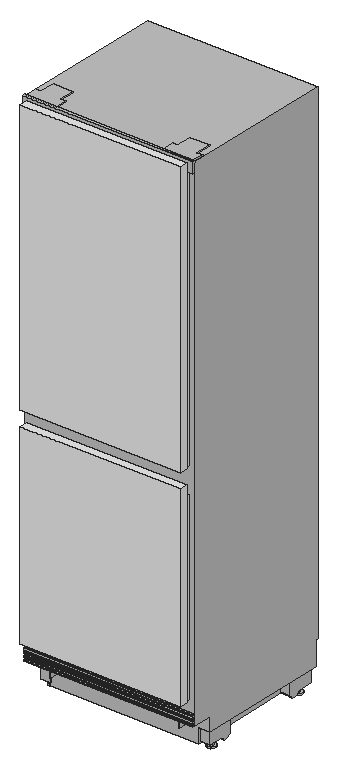
Revit family "FP-Revit18-en-RS2474BRU1-FridgeFreezer-0-US-CA-90002449A", category Specialty Equipment, Revit 2018
Family settings
  Round Connector Dimension = Use Diameter
  Part Type = Normal
  OmniClass Number = 23.40.40.11.11
  OmniClass Title = Refrigerators and Freezers
  Work Plane-Based = No
  Always vertical = Yes
  Cut with Voids When Loaded = Yes
  Shared = No
  Room Calculation Point = No
Parameters (values of type "RS2474BRU1")
  Visibility - Toe Kick Panel [instance] = no
  Visibility - Clearance Required [instance] = yes
  URL = "www.fisherpaykel.com"
  Panel - Width [instance] = 592 mm
  Panel - Thickness [instance] = 19 mm
  Panel - FFL to Bottom of Bottom Panel (15mm - 150mm) [instance] = 102 mm
  Toe Kick - Recess [instance] = 63 mm
  Stainless Steel Door Panels (RD2474BR) [instance] = no
  Product - Width = 592 mm  # constant formula
  Product - Height = 1870 mm  # constant formula
  Product - Depth (exl front panel) = 579 mm  # constant formula
  Model = "RS2474BRU1"
  Material - Door Structure = Fisher & Paykel - White
  Material - Door Front [instance] = Fisher & Paykel - Stainless Steel
  Material - Body = Fisher & Paykel - Grey
  Manufacturer = "Fisher & Paykel Appliances"
  Handle Style - Professional Round Flush (AHP3RDB74) [instance] = no
  Handle Style - Contemporary Square Fine Black (AHD5RDB74B) [instance] = no
  Handle Style - Contemporary Square Fine (AHD5RDB74) [instance] = no
  Handle Style - Contemporary Round (AHSRDB74) = no
  Handle Style - Classic Round (AHCLRDB) [instance] = no
  Description = "24\" Integrated Refrigerator with Bottom mount Freezer"
  Connector Description - Water = "min 275 kPa (40 psi) max 827 kPa (120 psi)"
  Connector Description - Electrical = "120 V, 60 Hz, 10 A circuit"
  Cavity - Width = 600 mm  # constant formula
  Cavity - Height (1870mm - 1890mm) [instance] = 1880 mm
  Panel - FFL to Top of Top Panel (1867mm min) [instance] = 1877 mm
  Cavity - Depth (600mm min with services external) = 600 mm
Reference planes
  plane 1 "Datum": y = 0
  plane 2: z = 0
  plane 3 "Center (Left/Right)": x = 0
  plane 4 "Product LHS": x = -296
  plane 5 "Product RHS": x = 296
  plane 6 "Product - Depth": y = 579
  plane 7: x = -300
  plane 8: x = 300
  plane 9 "Cavity - Depth": y = 581
  plane 10 "Product Height": z = 1880
  plane 11 "Cavity Height": z = 1880
  plane 12 "Panel Thickness": y = -19
  plane 13 "Base": z = 14.497
Forms (mm)
  Extrusion 1, solid, material "Fisher & Paykel - Grey" <- "Material - Body"
    sketch origin (0, 0, 0) x (0, 1, 0) y (0, 0, 1)
      loop
        line (108, 62.997) -> (571.5, 62.997) -> (571.5, 149.997) -> (579, 149.997) -> (579, 1875.998) -> (42.5, 1875.998) -> (42.5, 110.697) -> (108, 110.697) -> (108, 62.997)
    from -296 to 296
  Extrusion 2, solid, material "Fisher & Paykel - Grey" <- "Material - Body"
    sketch origin (0, 0, 0) x (1, 0, 0) y (0, 0, 1)
      loop
        circle (87.23, 31.993) r 5
      loop
        circle (-241.922, 42) r 6
    from -579 to -571.5
  Extrusion 3, solid, material "Fisher & Paykel - White" <- "Material - Door Structure"
    sketch origin (0, 0, 0) x (1, 0, 0) y (0, 1, 0)
      loop
        line (-274.25, 42.5) -> (-274.25, 28.4) -> (274.25, 28.4) -> (274.25, 42.5) -> (-274.25, 42.5)
    from 917.747 to 1838.148
  Extrusion 4, solid, material "Fisher & Paykel - White" <- "Material - Door Structure"
    sketch origin (0, 0, 0) x (1, 0, 0) y (0, 1, 0)
      loop
        line (-280, 28.4) -> (-280, 0) -> (280, 0) -> (280, 28.4) -> (-280, 28.4)
    from 916.247 to 1872.747
  Extrusion 5, solid, material "Fisher & Paykel - Stainless Steel" <- "Material - Door Front", visible <- "Stainless Steel Door Panels (RD2474BR)"
    sketch origin (0, 0, 21.503) x (0, 1, 0) y (0, 0, 1)
      loop
        line (-19, 1855.497) -> (-19, 854.497) -> (0, 854.497) -> (0, 1855.497) -> (-19, 1855.497)
      loop
        line (-19, 80.497) -> (0, 80.497) -> (0, 851.497) -> (-19, 851.497) -> (-19, 80.497)
    from -296 to 296
  Extrusion 6, solid, material "Fisher & Paykel - Clearance Required", visible <- "Visibility - Clearance Required", detail levels coarse
    sketch origin (0, 0, 0) x (1, 0, 0) y (0, 1, 0)
      loop
        line (-300, 581) -> (-300, 0) -> (300, 0) -> (300, 581) -> (-300, 581)
    from 0 to 1880
  Extrusion 7, solid, material "Fisher & Paykel - White" <- "Material - Door Structure"
    sketch origin (0, 0, 0) x (1, 0, 0) y (0, 1, 0)
      loop
        line (-280, 28.4) -> (-280, 0) -> (280, 0) -> (280, 28.4) -> (-280, 28.4)
    from 183.947 to 865.047
  Extrusion 8, solid, material "Fisher & Paykel - White" <- "Material - Door Structure"
    sketch origin (0, 0, 0) x (1, 0, 0) y (0, 1, 0)
      loop
        line (-274.25, 42.5) -> (-274.25, 28.4) -> (274.25, 28.4) -> (274.25, 42.5) -> (-274.25, 42.5)
    from 185.35 to 828.347
  Extrusion 9, solid, material "Fisher & Paykel - Clearance Required", visible <- "Visibility - Clearance Required", detail levels coarse
    sketch origin (0, -8.858, 0) x (1, 0, 0) y (0, 1, 0)
      loop
        arc (-296, -10.142) -> (-23.116, -502.405) -> (539.267, -525.083) r 574.255
        line (539.267, -525.083) -> (299.146, -10.142) -> (-296, -10.142)
    from 0 to 1880
  Extrusion 10, solid, material "Fisher & Paykel - Grey" <- "Material - Body", detail levels fine
    sketch origin (0, 0, 0) x (0, 1, 0) y (0, 0, 1)
      loop
        line (35.5, 149.997) -> (35.5, 145.997) -> (42.5, 145.997) -> (42.5, 149.997) -> (35.5, 149.997)
      loop
        line (35.5, 138.233) -> (35.5, 134.233) -> (42.5, 134.233) -> (42.5, 138.233) -> (35.5, 138.233)
      loop
        line (35.5, 114.697) -> (35.5, 110.697) -> (42.5, 110.697) -> (42.5, 114.697) -> (35.5, 114.697)
      loop
        line (35.5, 126.467) -> (35.5, 122.467) -> (42.5, 122.467) -> (42.5, 126.467) -> (35.5, 126.467)
      loop
        line (33.5, 1880) -> (33.5, 1842.094) -> (42.5, 1842.094) -> (42.5, 1880) -> (33.5, 1880)
    from -296 to 296
  Extrusion 11, solid, material "Fisher & Paykel - Grey" <- "Material - Body"
    sketch origin (0, 0, 0) x (0, 1, 0) y (0, 0, 1)
      loop
        line (108, 62.997) -> (108, 14.497) -> (571.5, 14.497) -> (571.5, 62.997) -> (108, 62.997)
    from -259 to 259
  Extrusion 12, solid, material "Fisher & Paykel - Grey" <- "Material - Body"
    sketch origin (0, 0, 0) x (0, 1, 0) y (0, 0, 1)
      loop
        line (199.5, 62.997) -> (109.5, 62.997) -> (109.5, 21.997) -> (161.836, 21.997)
        arc (161.836, 21.997) -> (180.668, 9.967) -> (199.5, 21.997) r 20.754
        line (199.5, 21.997) -> (199.5, 62.997)
      loop
        line (460.586, 62.997) -> (460.586, 21.997)
        arc (460.586, 21.997) -> (479.418, 9.967) -> (498.25, 21.997) r 20.754
        line (498.25, 21.997) -> (550.586, 21.997) -> (550.586, 62.997) -> (460.586, 62.997)
    from 259 to 294
  Extrusion 13, solid, material "Fisher & Paykel - Grey" <- "Material - Body", detail levels fine
    sketch origin (0, 0, 0) x (1, 0, 0) y (0, 1, 0)
      loop
        line (-273, 136.5) -> (-273, 82.6) -> (-291, 82.6) -> (-291, 42.5) -> (-187, 42.5) -> (-187, 82.6) -> (-205, 82.6) -> (-205, 136.5) -> (-273, 136.5)
      loop
        line (273, 136.5) -> (205, 136.5) -> (205, 82.6) -> (187, 82.6) -> (187, 42.5) -> (291, 42.5) -> (291, 82.6) -> (273, 82.6) -> (273, 136.5)
    from 1875.998 to 1880
  Extrusion 14, solid, material "Fisher & Paykel - Stainless Steel" <- "Material - Door Front", visible <- "Visibility - Toe Kick Panel"
    sketch origin (0, 0, 0) x (0, 1, 0) y (0, 0, 1)
      loop
        line (44, 110) -> (44, 0) -> (63, 0) -> (63, 110) -> (44, 110)
    from -296 to 296
  Extrusion 15, solid, material "Fisher & Paykel - Grey" <- "Material - Body", detail levels fine
    sketch origin (0, 0, 0) x (1, 0, 0) y (0, 1, 0)
      loop
        circle (276.5, 140.6) r 15
      loop
        circle (276.5, 519.6) r 15
      loop
        circle (-276.5, 140.6) r 15
      loop
        circle (-276.5, 519.6) r 15
    from 0 to 3
  Extrusion 16, solid, material "Fisher & Paykel - Grey" <- "Material - Body", detail levels fine
    sketch origin (0, 0, 0) x (1, 0, 0) y (0, 1, 0)
      loop
        circle (276.5, 140.6) r 5
      loop
        circle (276.5, 519.6) r 5
      loop
        circle (-276.5, 140.6) r 5
      loop
        circle (-276.5, 519.6) r 5
    from 3 to 21.997
  Extrusion 17, solid, material "Fisher & Paykel - Grey" <- "Material - Body", detail levels fine
    sketch origin (0, 0, 0) x (0, 1, 0) y (0, 0, 1)
      loop
        line (63.1, 70.7) -> (108, 70.7) -> (108, 110.697) -> (63.1, 110.697) -> (63.1, 70.7)
    from 224 to 226
  Extrusion 18, solid, material "Fisher & Paykel - Grey" <- "Material - Body", detail levels fine
    sketch origin (0, 0, 0) x (0, 1, 0) y (0, 0, -1)
      loop
        line (63.1, -70.7) -> (63.1, -110.697) -> (108, -110.697) -> (108, -70.7) -> (63.1, -70.7)
    from 224 to 226
  Extrusion 19, solid, material "Fisher & Paykel - Grey" <- "Material - Body"
    sketch origin (0, 0, 0) x (0, 1, 0) y (0, 0, -1)
      loop
        line (199.5, -62.997) -> (199.5, -21.997)
        arc (199.5, -21.997) -> (180.668, -9.967) -> (161.836, -21.997) r 20.754
        line (161.836, -21.997) -> (109.5, -21.997) -> (109.5, -62.997) -> (199.5, -62.997)
      loop
        line (460.586, -62.997) -> (550.586, -62.997) -> (550.586, -21.997) -> (498.25, -21.997)
        arc (498.25, -21.997) -> (479.418, -9.967) -> (460.586, -21.997) r 20.754
        line (460.586, -21.997) -> (460.586, -62.997)
    from 259 to 294
  Extrusion 20, void
    sketch origin (0, 0, 0) x (1, 0, 0) y (0, 1, 0)
      loop
        line (-300, 579) -> (-300, -19) -> (300, -19) -> (300, 579) -> (-300, 579)
    from 0 to 1880
Cuts and joins
  joined: Extrusion 1, Extrusion 11, Extrusion 12
Text (mm)
  text "Due to ongoing product development, product details are subject to change without notice. \nPlease always refer to www.fisherpaykel.com for the most current product information. \n© Fisher & Paykel 2020" at (41.04, -678.295, 0), in view "Ref. Level (Plan)"
Dimensions and locks
  equal spacing: plane 4 "Product LHS", plane 3 "Center (Left/Right)", plane 5 "Product RHS"
  "Product - Width": plane 4 "Product LHS" to plane 5 "Product RHS"
  "Product - Depth (exl front panel)": plane 1 "Datum" to plane 6 "Product - Depth"
  equal spacing: plane 7, plane 3 "Center (Left/Right)", plane 8
  "Cavity - Width": plane 7 to plane 8
  Extrusion 2 sketch curve to plane 5 "Product RHS" = 208.77 mm
  plane 4 "Product LHS" to Extrusion 2 sketch curve = 54.078 mm
  "Cavity - Height (1870mm - 1890mm)": plane 11 "Cavity Height" to level
  locked: cut or joined group of Extrusion 1, Extrusion 11, Extrusion 12 to plane 10 "Product Height" at 4.002
  "Panel - Thickness": Extrusion 14 to Extrusion 14
  "Toe Kick - Recess": plane 1 "Datum" to Extrusion 14
  locked: Extrusion 9 sketch curve to plane 12 "Panel Thickness" at 514.941
  locked: Extrusion 9 sketch curve to Extrusion 9 sketch curve at 568.175
  Extrusion 9 to nested 1 = 1415.495 mm
  "Panel - Thickness": plane 12 "Panel Thickness" to plane 1 "Datum"
  plane 13 "Base" to level = 14.497 mm
  Extrusion 5 to Extrusion 5 = 1001 mm
  locked: Extrusion 5 to Extrusion 5 at 3
  locked: plane 10 "Product Height" to plane 13 "Base" at 1865.503
  Extrusion 5 to plane 13 "Base" = 858.503 mm
  Extrusion 5 to plane 13 "Base" = 861.502 mm
  locked: nested 1 to plane 13 "Base" at 548.997
  locked: nested 1 to plane 13 "Base" at 877.997
  locked: plane 10 "Product Height" to plane 11 "Cavity Height" at 0
  locked: cut or joined group of Extrusion 1, Extrusion 11, Extrusion 12 to plane 13 "Base" at 96.2
  locked: cut or joined group of Extrusion 1, Extrusion 11, Extrusion 12 to plane 13 "Base" at 7.5
  locked: Extrusion 7 to plane 13 "Base" at 169.45
  locked: Extrusion 8 to plane 13 "Base" at 813.85
  locked: Extrusion 7 to plane 13 "Base" at 850.55
  locked: Extrusion 4 to plane 13 "Base" at 901.75
  locked: Extrusion 3 to plane 13 "Base" at 903.25
  locked: Extrusion 3 to plane 13 "Base" at 1823.65
  locked: Extrusion 4 to plane 13 "Base" at 1858.25
  locked: Extrusion 14 to cut or joined group of Extrusion 1, Extrusion 11, Extrusion 12 at 0.697
  locked: Extrusion 17 to plane 13 "Base" at 56.203
  locked: plane 13 "Base" to Extrusion 8 at 170.853
  locked: Extrusion 10 to plane 13 "Base" at 1827.596
  "Panel - FFL to Top of Top Panel (1867mm min)": Extrusion 5 to level
  "Panel - FFL to Bottom of Bottom Panel (15mm - 150mm)": Extrusion 5 to level
  locked: Extrusion 5 to plane 13 "Base" at 858.503
  equal spacing: Extrusion 5, plane 3 "Center (Left/Right)", Extrusion 5
  "Panel - Width": Extrusion 5 to Extrusion 5
  "Cavity - Depth (600mm min with services external)": plane 12 "Panel Thickness" to plane 9 "Cavity - Depth"
  locked: nested 2 to plane 13 "Base" at 549
  locked: nested 3 to plane 13 "Base" at 574.5
  locked: nested 4 to plane 13 "Base" at 549
  locked: nested 5 to plane 13 "Base" at 563.997
  radius of Extrusion 2 sketch curve = 5 mm
  diameter of Extrusion 9 sketch curve = 1148.51 mm
  aligned and locked: level to plane 2
  aligned and locked: Extrusion 1 to plane 5 "Product RHS"
  aligned and locked: plane 4 "Product LHS" to Extrusion 1
  aligned and locked: Extrusion 13 to cut or joined group of Extrusion 1, Extrusion 11, Extrusion 12
  aligned and locked: Extrusion 2 to cut or joined group of Extrusion 1, Extrusion 11, Extrusion 12
  aligned and locked: Extrusion 6 to plane 11 "Cavity Height"
  aligned and locked: Extrusion 10 to plane 10 "Product Height"
  aligned and locked: Extrusion 13 to plane 10 "Product Height"
  aligned and locked: Extrusion 5 to Extrusion 9  (x2)
  aligned and locked: plane 12 "Panel Thickness" to nested 1
  aligned and locked: Extrusion 11 to plane 13 "Base"
  aligned and locked: cut or joined group of Extrusion 1, Extrusion 11, Extrusion 12 to cut or joined group of Extrusion 1, Extrusion 11, Extrusion 12  (x4)
  aligned and locked: Extrusion 17 to cut or joined group of Extrusion 1, Extrusion 11, Extrusion 12
  aligned and locked: Extrusion 10 to cut or joined group of Extrusion 1, Extrusion 11, Extrusion 12
  aligned and locked: Extrusion 18 to Extrusion 10
  aligned and locked: Extrusion 18 to Extrusion 17
  aligned and locked: Extrusion 12 to Extrusion 1
  aligned and locked: Extrusion 16 to cut or joined group of Extrusion 1, Extrusion 11, Extrusion 12
  aligned and locked: Extrusion 9 to plane 11 "Cavity Height"
  aligned and locked: plane 12 "Panel Thickness" to nested 2
  aligned and locked: plane 12 "Panel Thickness" to nested 3
  aligned and locked: plane 6 "Product - Depth" to Extrusion 20
  aligned and locked: Extrusion 20 to plane 10 "Product Height"
  aligned and locked: Extrusion 20 to level
  aligned and locked: Extrusion 20 to plane 8
  aligned and locked: Extrusion 20 to plane 7
  aligned and locked: plane 12 "Panel Thickness" to Extrusion 20
  aligned and locked: plane 12 "Panel Thickness" to nested 5
  aligned and locked: plane 12 "Panel Thickness" to nested 4
Automatic sketch dimensions
  Extrusion 1 sketch curve to plane 6 "Product - Depth" = 0 mm
  Extrusion 1 sketch curve to plane 6 "Product - Depth" = 7.5 mm
  plane 13 "Base" to Extrusion 1 sketch curve = 48.5 mm
  Extrusion 1 sketch curve to plane 1 "Datum" = 108 mm
  plane 10 "Product Height" to Extrusion 1 sketch curve = 4.002 mm
  Extrusion 1 sketch curve to plane 1 "Datum" = 42.5 mm
  Extrusion 1 sketch curve to Extrusion 1 sketch curve = 47.7 mm
  Extrusion 1 sketch curve to Extrusion 1 sketch curve = 87 mm
  plane 13 "Base" to Extrusion 2 sketch curve = 17.495 mm
  plane 13 "Base" to Extrusion 2 sketch curve = 27.503 mm
  Extrusion 3 sketch curve to plane 4 "Product LHS" = 21.75 mm
  plane 5 "Product RHS" to Extrusion 3 sketch curve = 21.75 mm
  Extrusion 3 sketch curve to plane 1 "Datum" = 28.4 mm
  Extrusion 3 sketch curve to Extrusion 3 sketch curve = 14.1 mm
  plane 1 "Datum" to Extrusion 4 sketch curve = 0 mm
  Extrusion 4 sketch curve to plane 4 "Product LHS" = 16 mm
  plane 5 "Product RHS" to Extrusion 4 sketch curve = 16 mm
  Extrusion 4 sketch curve to plane 1 "Datum" = 28.4 mm
  Extrusion 5 sketch curve to plane 12 "Panel Thickness" = 0 mm  (x2)
  Extrusion 5 sketch curve to plane 1 "Datum" = 0 mm  (x2)
  plane 13 "Base" to Extrusion 5 sketch curve = 87.503 mm
  Extrusion 5 sketch curve to Extrusion 5 sketch curve = 771 mm
  Extrusion 5 sketch curve to Extrusion 5 sketch curve = 3 mm
  plane 10 "Product Height" to Extrusion 5 sketch curve = 3 mm
  plane 1 "Datum" to Extrusion 6 sketch curve = 0 mm
  Extrusion 6 sketch curve to plane 7 = 0 mm
  Extrusion 6 sketch curve to plane 8 = 0 mm
  Extrusion 6 sketch curve to plane 9 "Cavity - Depth" = 0 mm
  plane 1 "Datum" to Extrusion 7 sketch curve = 0 mm
  Extrusion 7 sketch curve to plane 4 "Product LHS" = 16 mm
  plane 5 "Product RHS" to Extrusion 7 sketch curve = 16 mm
  Extrusion 7 sketch curve to plane 1 "Datum" = 28.4 mm
  Extrusion 8 sketch curve to plane 4 "Product LHS" = 21.75 mm
  plane 5 "Product RHS" to Extrusion 8 sketch curve = 21.75 mm
  Extrusion 8 sketch curve to plane 1 "Datum" = 28.4 mm
  Extrusion 8 sketch curve to Extrusion 8 sketch curve = 14.1 mm
  Extrusion 9 sketch curve to plane 4 "Product LHS" = 0 mm
  plane 12 "Panel Thickness" to Extrusion 9 sketch curve = 0 mm
  plane 12 "Panel Thickness" to Extrusion 9 sketch curve = 3.437 mm
  plane 10 "Product Height" to Extrusion 10 sketch curve = 0 mm
  Extrusion 10 sketch curve to plane 1 "Datum" = 33.5 mm
  Extrusion 10 sketch curve to plane 1 "Datum" = 35.5 mm
  Extrusion 10 sketch curve to Extrusion 10 sketch curve = 0 mm  (x3)
  Extrusion 10 sketch curve to Extrusion 10 sketch curve = 7 mm  (x4)
  Extrusion 10 sketch curve to Extrusion 10 sketch curve = 9 mm
  Extrusion 10 sketch curve to Extrusion 10 sketch curve = 37.906 mm
  plane 13 "Base" to Extrusion 10 sketch curve = 135.5 mm
  Extrusion 10 sketch curve to Extrusion 10 sketch curve = 4 mm  (x4)
  Extrusion 10 sketch curve to Extrusion 10 sketch curve = 7.764 mm
  Extrusion 10 sketch curve to Extrusion 10 sketch curve = 7.767 mm
  Extrusion 10 sketch curve to Extrusion 10 sketch curve = 7.769 mm
  Extrusion 11 sketch curve to plane 13 "Base" = 0 mm
  Extrusion 11 sketch curve to plane 1 "Datum" = 108 mm
  Extrusion 11 sketch curve to plane 6 "Product - Depth" = 7.5 mm
  Extrusion 11 sketch curve to Extrusion 11 sketch curve = 48.5 mm
  plane 13 "Base" to Extrusion 12 sketch curve = 48.5 mm
  Extrusion 12 sketch curve to plane 1 "Datum" = 109.5 mm
  plane 13 "Base" to Extrusion 12 sketch curve = 7.5 mm  (x2)
  Extrusion 12 sketch curve to Extrusion 12 sketch curve = 52.336 mm
  Extrusion 12 sketch curve to Extrusion 12 sketch curve = 18.832 mm  (x4)
  Extrusion 12 sketch curve to plane 6 "Product - Depth" = 118.414 mm
  Extrusion 12 sketch curve to plane 6 "Product - Depth" = 28.414 mm
  plane 13 "Base" to Extrusion 12 sketch curve = 16.224 mm  (x2)
  Extrusion 12 sketch curve to Extrusion 12 sketch curve = 41 mm
  Extrusion 13 sketch curve to plane 4 "Product LHS" = 5 mm
  Extrusion 13 sketch curve to Extrusion 13 sketch curve = 18 mm  (x3)
  Extrusion 13 sketch curve to Extrusion 13 sketch curve = 68 mm
  plane 5 "Product RHS" to Extrusion 13 sketch curve = 109 mm
  plane 5 "Product RHS" to Extrusion 13 sketch curve = 23 mm
  plane 5 "Product RHS" to Extrusion 13 sketch curve = 5 mm
  Extrusion 13 sketch curve to plane 1 "Datum" = 42.5 mm  (x2)
  Extrusion 13 sketch curve to Extrusion 13 sketch curve = 40.1 mm  (x4)
  Extrusion 13 sketch curve to Extrusion 13 sketch curve = 53.9 mm  (x2)
  Extrusion 14 sketch curve to level = 0 mm
  Extrusion 14 sketch curve to plane 1 "Datum" = 44 mm
  Extrusion 14 sketch curve to Extrusion 14 sketch curve = 19 mm
  plane 13 "Base" to Extrusion 14 sketch curve = 95.503 mm
  Extrusion 15 sketch curve to plane 4 "Product LHS" = 19.5 mm  (x2)
  plane 5 "Product RHS" to Extrusion 15 sketch curve = 19.5 mm  (x2)
  Extrusion 15 sketch curve to plane 1 "Datum" = 140.6 mm  (x2)
  Extrusion 15 sketch curve to plane 6 "Product - Depth" = 59.4 mm  (x2)
  Extrusion 16 sketch curve to plane 4 "Product LHS" = 19.5 mm  (x2)
  plane 5 "Product RHS" to Extrusion 16 sketch curve = 19.5 mm  (x2)
  Extrusion 16 sketch curve to plane 1 "Datum" = 140.6 mm  (x2)
  Extrusion 16 sketch curve to plane 6 "Product - Depth" = 59.4 mm  (x2)
  Extrusion 17 sketch curve to plane 1 "Datum" = 63.1 mm
  Extrusion 17 sketch curve to Extrusion 17 sketch curve = 44.9 mm
  plane 13 "Base" to Extrusion 17 sketch curve = 56.203 mm
  Extrusion 17 sketch curve to Extrusion 17 sketch curve = 39.997 mm
  Extrusion 18 sketch curve to plane 1 "Datum" = 63.1 mm
  Extrusion 18 sketch curve to Extrusion 18 sketch curve = 44.9 mm
  plane 13 "Base" to Extrusion 18 sketch curve = 96.2 mm
  Extrusion 18 sketch curve to Extrusion 18 sketch curve = 39.997 mm
  plane 13 "Base" to Extrusion 19 sketch curve = 48.5 mm
  Extrusion 19 sketch curve to plane 1 "Datum" = 109.5 mm
  plane 13 "Base" to Extrusion 19 sketch curve = 7.5 mm  (x2)
  Extrusion 19 sketch curve to Extrusion 19 sketch curve = 52.336 mm
  Extrusion 19 sketch curve to Extrusion 19 sketch curve = 18.832 mm  (x4)
  Extrusion 19 sketch curve to plane 6 "Product - Depth" = 118.414 mm
  Extrusion 19 sketch curve to plane 6 "Product - Depth" = 28.414 mm
  Extrusion 19 sketch curve to Extrusion 19 sketch curve = 41 mm
  plane 13 "Base" to Extrusion 19 sketch curve = 16.224 mm  (x2)
  Extrusion 20 sketch curve to plane 7 = 0 mm
  Extrusion 20 sketch curve to plane 8 = 0 mm
  Extrusion 20 sketch curve to plane 9 "Cavity - Depth" = 600 mm
  Extrusion 20 sketch curve to Extrusion 20 sketch curve = 598 mm
  radius of Extrusion 2 sketch curve = 6 mm
  radius of Extrusion 15 sketch curve = 15 mm  (x4)
  radius of Extrusion 16 sketch curve = 5 mm  (x4)
Nested families
  nested 1: "F&P Handle Kit - Contemporary Square Fine - RS60B" at (-234, -19, 10), visible <- "Handle Style - Contemporary Square Fine (AHD5RDB74)", type "AHD5RDB74 - Contemporary Square fine handle kit"
  nested 2: "F&P Handle Kit - Contemporary Square Fine - RS60B" at (-234, -19, 10.003), visible <- "Handle Style - Contemporary Square Fine Black (AHD5RDB74B)", type "AHD5RDB74B - Contemporary Square fine black handle kit"
  nested 3: "F&P Handle Kit - Professional Round Flush - RS60B" at (-234, -19, 989.498), visible <- "Handle Style - Professional Round Flush (AHP3RDB74)", type "AHP3RDB74 - Professional round flush handle"
  nested 4: "F&P Handle Kit - Contemporary Round RS60B" at (-234, -19, 989.498), visible <- "Handle Style - Contemporary Round (AHSRDB74)", type "26240 AHSRDB74 US - Contemporary round handle kit"
  nested 5: "F&P Handle Kit - Classic Round RS60B" at (-234, -19, 989.495), visible <- "Handle Style - Classic Round (AHCLRDB)", type "26593 AHCLRDB US - Classic round handle kit"
Connectors
  electrical at (87.23, 579, 31.993), driven by "Connector Description - Electrical"
    settings: on Extrusion 2, index 1, voltage 120 V, apparent load 0 VA, apparent load phase1 0 VA, apparent load phase2 0 VA, apparent load phase3 0 VA, power factor 1, load classification "Other", number of poles 1, system type 30, power factor state 1, is connector primary yes, connector utility no, sub classification motor no, connector description "120 V, 60 Hz, 10 A circuit"
  piping at (-241.922, 579, 42), diameter 11, driven by "Connector Description - Water"
    settings: on Extrusion 2, index 2, connector inside diameter 609.6 mm, connector length 0 mm, flow factor 0, pipe flow 0.0 L/s, pressure drop 0.0 Pa, fitting loss kfactor 0, connector angle 0.00°, fixture units 0, engagement length 0 mm, angle of deflection 0.00°, flow configuration 0, flow direction 1, fitting loss method 0, system type 19, joint type 0, gender type 0, connector reference index -1, connector utility 0, adjustable connector no, is connector primary yes, connector description "min 275 kPa (40 psi) max 827 kPa (120 psi)"
Definition of nested family "F&P Handle Kit - Contemporary Square Fine - RS60B"
  Parameters (values of type "AHD5RDB74 - Contemporary Square fine handle kit")
    URL = "www.fisherpaykel.com"
    Model = "AHD5RDB"
    Material - Handle = none
    Manufacturer = "Fisher & Paykel Appliances"
  Types (4, lengths in mm): name | Model
    AHD5RDB19 - Contemporary Square fine handle kit | "AHD5RDB19"
    AHD5RDB74 - Contemporary Square fine handle kit | "AHD5RDB"
    AHD5RDB19B - Contemporary Square fine black handle kit | "AHD5RDB19B"
    AHD5RDB74B - Contemporary Square fine black handle kit | "AHD5RDB74B"
  Reference planes
    plane 1 "Center (Front/Back)": y = 0
    plane 2: z = 0
    plane 3 "Center (Left/Right)": x = 0
  Forms (mm)
    Extrusion 1, solid, material <- "Material - Handle", detail levels fine
      sketch origin (0, 0, 0) x (1, 0, 0) y (0, 1, 0)
        loop
          arc (-6.16, -26.813) -> (-6.554, -27.196) -> (-6.686, -27.728) r 1
          line (-6.686, -27.728) -> (-6.256, -40.035)
          arc (-6.256, -40.035) -> (-5.951, -40.719) -> (-5.257, -41) r 1
          line (-5.257, -41) -> (5.257, -41)
          arc (5.257, -41) -> (5.951, -40.719) -> (6.256, -40.035) r 1
          line (6.256, -40.035) -> (6.686, -27.709)
          arc (6.686, -27.709) -> (6.554, -27.175) -> (6.158, -26.792) r 1
          arc (6.158, -26.792) -> (-0.004, -25.256) -> (-6.16, -26.813) r 13.038
      from 553.495 to 847.495
    Extrusion 2, solid, material <- "Material - Handle", detail levels fine
      sketch origin (0, 0, 0) x (1, 0, 0) y (0, 1, 0)
        loop
          arc (6.012, -26.626) -> (6.494, -26.614) -> (6.741, -26.2) r 0.5
          line (6.741, -26.2) -> (7.7, 0) -> (-7.7, 0) -> (-6.742, -26.174)
          arc (-6.742, -26.174) -> (-6.496, -26.587) -> (-6.015, -26.6) r 0.5
          arc (-6.015, -26.6) -> (0.002, -25.156) -> (6.012, -26.626) r 13.136
      from 803.495 to 847.495
    Extrusion 3, solid, material <- "Material - Handle", detail levels coarse+medium
      sketch origin (0, 0, 0) x (0, 1, 0) y (0, 0, 1)
        loop
          line (0, 847.495) -> (-42, 847.495) -> (-42, 553.495) -> (0, 553.495) -> (0, 673.495) -> (-26.245, 673.495) -> (-26.245, 803.495) -> (0, 803.495) -> (0, 847.495)
      from -8 to 8
    Extrusion 4, solid, material <- "Material - Handle", detail levels fine
      sketch origin (0, 0, 0) x (1, 0, 0) y (0, 1, 0)
        loop
          arc (6.012, -26.626) -> (6.494, -26.614) -> (6.741, -26.2) r 0.5
          line (6.741, -26.2) -> (7.7, 0) -> (-7.7, 0) -> (-6.742, -26.174)
          arc (-6.742, -26.174) -> (-6.496, -26.587) -> (-6.015, -26.6) r 0.5
          arc (-6.015, -26.6) -> (0.002, -25.156) -> (6.012, -26.626) r 13.136
      from 553.495 to 673.495
    Extrusion 5, solid, material <- "Material - Handle", detail levels fine
      sketch origin (0, 0, 0) x (1, 0, 0) y (0, 1, 0)
        loop
          arc (-6.16, -26.813) -> (-6.554, -27.196) -> (-6.686, -27.728) r 1
          line (-6.686, -27.728) -> (-6.256, -40.035)
          arc (-6.256, -40.035) -> (-5.951, -40.719) -> (-5.257, -41) r 1
          line (-5.257, -41) -> (5.257, -41)
          arc (5.257, -41) -> (5.951, -40.719) -> (6.256, -40.035) r 1
          line (6.256, -40.035) -> (6.686, -27.709)
          arc (6.686, -27.709) -> (6.554, -27.175) -> (6.158, -26.792) r 1
          arc (6.158, -26.792) -> (-0.004, -25.256) -> (-6.16, -26.813) r 13.038
      from 882.495 to 1405.495
    Extrusion 6, solid, material <- "Material - Handle", detail levels fine
      sketch origin (0, 0, 0) x (1, 0, 0) y (0, 1, 0)
        loop
          arc (6.012, -26.626) -> (6.494, -26.614) -> (6.741, -26.2) r 0.5
          line (6.741, -26.2) -> (7.7, 0) -> (-7.7, 0) -> (-6.742, -26.174)
          arc (-6.742, -26.174) -> (-6.496, -26.587) -> (-6.015, -26.6) r 0.5
          arc (-6.015, -26.6) -> (0.002, -25.156) -> (6.012, -26.626) r 13.136
      from 1285.495 to 1405.495
    Extrusion 7, solid, material <- "Material - Handle", detail levels coarse+medium
      sketch origin (0, 0, 0) x (0, 1, 0) y (0, 0, 1)
        loop
          line (0, 1405.495) -> (-42, 1405.495) -> (-42, 882.495) -> (0, 882.495) -> (0, 926.495) -> (-26.245, 926.495) -> (-26.245, 1285.495) -> (0, 1285.495) -> (0, 1405.495)
      from -8 to 8
    Extrusion 8, solid, material <- "Material - Handle", detail levels fine
      sketch origin (0, 0, 0) x (1, 0, 0) y (0, 1, 0)
        loop
          arc (6.012, -26.626) -> (6.494, -26.614) -> (6.741, -26.2) r 0.5
          line (6.741, -26.2) -> (7.7, 0) -> (-7.7, 0) -> (-6.742, -26.174)
          arc (-6.742, -26.174) -> (-6.496, -26.587) -> (-6.015, -26.6) r 0.5
          arc (-6.015, -26.6) -> (0.002, -25.156) -> (6.012, -26.626) r 13.136
      from 882.495 to 926.495
  Dimensions and locks
    aligned and locked: level to plane 2
Definition of nested family "F&P Handle Kit - Professional Round Flush - RS60B"
  Parameters (values of type "AHP3RDB74 - Professional round flush handle")
    URL = "www.fisherpaykel.com"
    Material - Handle = none
    Manufacturer = "Fisher & Paykel Appliances"
    Handle - Length = 801 mm
  Types (3): name
    (no name)
    AHP3RDB74 - Professional round flush handle
    AHP3RDB19 - Professional round flush handle
  Reference planes
    plane 1 "Center (Front/Back)": y = 0
    plane 2: z = 0
    plane 3 "Center (Left/Right)": x = 0
    plane 4 "Top": z = 400.5
    plane 5 "Bottom": z = -400.5
    plane 6 "Top Standoff": z = 340.5
    plane 7 "Bottom Standoff": z = -340.5
  Forms (mm)
    Extrusion 1, solid, material <- "Material - Handle", detail levels fine
      sketch origin (0, 0, 0) x (1, 0, 0) y (0, 1, 0)
        loop
          arc (-12.817, -46.665) -> (0, -58.016) -> (12.817, -46.665) r 12.912
          line (12.817, -46.665) -> (18.5, 0) -> (-18.5, 0) -> (-12.817, -46.665)
      from 340.5 to 400.5
    Extrusion 2, solid, material <- "Material - Handle", detail levels fine
      sketch origin (0, 0, 0) x (1, 0, 0) y (0, 1, 0)
        loop
          arc (-12.817, -46.665) -> (0, -58.016) -> (12.817, -46.665) r 12.912
          line (12.817, -46.665) -> (18.5, 0) -> (-18.5, 0) -> (-12.817, -46.665)
      from -400.5 to -340.5
    Extrusion 3, solid, material <- "Material - Handle"
      sketch origin (0, 0, 0) x (1, 0, 0) y (0, 1, 0)
        loop
          circle (0, -45.116) r 12.7
      from -340.5 to -192.5
    Sweep 4, void
      path in 3D
        loop
          line (18.5, 0, 400.5) -> (12.817, -46.665, 400.5)
          arc (12.817, -46.665, 400.5) -> (0, -58.016, 400.5) -> (-12.817, -46.665, 400.5) r 12.912
          line (-12.817, -46.665, 400.5) -> (-18.5, 0, 400.5)
      profile origin (0, -58.016, 400.5) x (0, -1, 0) y (0, 0, 1)
        loop
          line (0, 0) -> (-1.5, 0) -> (0, -1.5) -> (0, 0)
    Sweep 5, void
      path in 3D
        loop
          line (-18.5, 0, -400.5) -> (-12.817, -46.665, -400.5)
          arc (-12.817, -46.665, -400.5) -> (0, -58.016, -400.5) -> (12.817, -46.665, -400.5) r 12.912
          line (12.817, -46.665, -400.5) -> (18.5, 0, -400.5)
      profile origin (0, -58.016, -400.5) x (0, -1, 0) y (0, 0, -1)
        loop
          line (0, 0) -> (-1.5, 0) -> (0, -1.5) -> (0, 0)
    Extrusion 6, solid, material <- "Material - Handle", detail levels coarse+medium
      sketch origin (0, 0, 0) x (1, 0, 0) y (0, 1, 0)
        loop
          arc (-12.817, -46.665) -> (0, -58.016) -> (12.817, -46.665) r 12.912
          line (12.817, -46.665) -> (18.5, 0) -> (-18.5, 0) -> (-12.817, -46.665)
      from 340.5 to 400.5
    Extrusion 7, solid, material <- "Material - Handle", detail levels coarse+medium
      sketch origin (0, 0, 0) x (1, 0, 0) y (0, 1, 0)
        loop
          arc (-12.817, -46.665) -> (0, -58.016) -> (12.817, -46.665) r 12.912
          line (12.817, -46.665) -> (18.5, 0) -> (-18.5, 0) -> (-12.817, -46.665)
      from -400.5 to -340.5
    Extrusion 8, solid, material <- "Material - Handle", detail levels fine
      sketch origin (0, 0, 0) x (1, 0, 0) y (0, 1, 0)
        loop
          arc (-12.817, -46.665) -> (0, -58.016) -> (12.817, -46.665) r 12.912
          line (12.817, -46.665) -> (18.5, 0) -> (-18.5, 0) -> (-12.817, -46.665)
      from -192.5 to -132.5
    Extrusion 9, solid, material <- "Material - Handle", detail levels fine
      sketch origin (0, 0, 0) x (1, 0, 0) y (0, 1, 0)
        loop
          arc (-12.817, -46.665) -> (0, -58.016) -> (12.817, -46.665) r 12.912
          line (12.817, -46.665) -> (18.5, 0) -> (-18.5, 0) -> (-12.817, -46.665)
      from -97.5 to -37.5
    Sweep 10, void
      path in 3D
        loop
          line (18.5, 0, -132.5) -> (12.817, -46.665, -132.5)
          arc (12.817, -46.665, -132.5) -> (0, -58.016, -132.5) -> (-12.817, -46.665, -132.5) r 12.912
          line (-12.817, -46.665, -132.5) -> (-18.5, 0, -132.5)
      profile origin (0, -58.016, -132.5) x (0, -1, 0) y (0, 0, 1)
        loop
          line (0, 0) -> (-1.5, 0) -> (0, -1.5) -> (0, 0)
    Sweep 11, void
      path in 3D
        loop
          line (-18.5, 0, -97.5) -> (-12.817, -46.665, -97.5)
          arc (-12.817, -46.665, -97.5) -> (0, -58.016, -97.5) -> (12.817, -46.665, -97.5) r 12.912
          line (12.817, -46.665, -97.5) -> (18.5, 0, -97.5)
      profile origin (0, -58.016, -97.5) x (0, -1, 0) y (0, 0, -1)
        loop
          line (0, 0) -> (-1.5, 0) -> (0, -1.5) -> (0, 0)
    Extrusion 12, solid, material <- "Material - Handle", detail levels coarse+medium
      sketch origin (0, 0, 0) x (1, 0, 0) y (0, 1, 0)
        loop
          arc (-12.817, -46.665) -> (0, -58.016) -> (12.817, -46.665) r 12.912
          line (12.817, -46.665) -> (18.5, 0) -> (-18.5, 0) -> (-12.817, -46.665)
      from -192.5 to -132.5
    Extrusion 13, solid, material <- "Material - Handle", detail levels coarse+medium
      sketch origin (0, 0, 0) x (1, 0, 0) y (0, 1, 0)
        loop
          arc (-12.817, -46.665) -> (0, -58.016) -> (12.817, -46.665) r 12.912
          line (12.817, -46.665) -> (18.5, 0) -> (-18.5, 0) -> (-12.817, -46.665)
      from -97.5 to -37.5
    Extrusion 14, solid, material <- "Material - Handle"
      sketch origin (0, 0, 0) x (1, 0, 0) y (0, 1, 0)
        loop
          circle (0, -45.116) r 12.7
      from -37.5 to 340.5
  Cuts and joins
    Sweep 4, Sweep 10 cuts Extrusion 1
    Sweep 5, Sweep 11 cuts Extrusion 2
    Sweep 10 cuts Extrusion 6
    Sweep 10 cuts Extrusion 8
    Sweep 11 cuts Extrusion 7
    Sweep 11 cuts Extrusion 9
  Lines and regions (mm)
    sketch lines
      curve 1: arc (12.817, -46.665, 400.5) -> (0, -58.016, 400.5) -> (-12.817, -46.665, 400.5) r 12.912
      curve 2: line (12.817, -46.665, 400.5) -> (18.5, 0, 400.5)
      curve 3: line (-18.5, 0, 400.5) -> (-12.817, -46.665, 400.5)
      curve 4: arc (-12.817, -46.665, -400.5) -> (0, -58.016, -400.5) -> (12.817, -46.665, -400.5) r 12.912
      curve 5: line (18.5, 0, -400.5) -> (12.817, -46.665, -400.5)
      curve 6: line (-12.817, -46.665, -400.5) -> (-18.5, 0, -400.5)
      curve 7: arc (12.817, -46.665, -132.5) -> (0, -58.016, -132.5) -> (-12.817, -46.665, -132.5) r 12.912
      curve 8: line (12.817, -46.665, -132.5) -> (18.5, 0, -132.5)
      curve 9: line (-18.5, 0, -132.5) -> (-12.817, -46.665, -132.5)
      curve 10: arc (-12.817, -46.665, -97.5) -> (0, -58.016, -97.5) -> (12.817, -46.665, -97.5) r 12.912
      curve 11: line (18.5, 0, -97.5) -> (12.817, -46.665, -97.5)
      curve 12: line (-12.817, -46.665, -97.5) -> (-18.5, 0, -97.5)
  Dimensions and locks
    equal spacing: plane 4 "Top", level, plane 5 "Bottom"
    "Handle - Length": plane 4 "Top" to plane 5 "Bottom"
    locked: plane 4 "Top" to plane 6 "Top Standoff" at 60
    locked: plane 7 "Bottom Standoff" to plane 5 "Bottom" at 60
    locked: cut or joined group of Extrusion 8, Sweep 10 to plane 5 "Bottom" at 268
    locked: plane 5 "Bottom" to cut or joined group of Extrusion 9, Sweep 11 at 303
    aligned and locked: level to plane 2
    aligned and locked: plane 4 "Top" to Extrusion 1
    aligned and locked: Extrusion 1 to plane 6 "Top Standoff"
    aligned and locked: Extrusion 2 to plane 5 "Bottom"
    aligned and locked: plane 1 "Center (Front/Back)" to Extrusion 2 sketch curve
    aligned and locked: Extrusion 3 to plane 7 "Bottom Standoff"
    aligned and locked: Extrusion 6 to plane 6 "Top Standoff"
    aligned and locked: plane 7 "Bottom Standoff" to Extrusion 7
    aligned and locked: plane 7 "Bottom Standoff" to Extrusion 2
    aligned and locked: Extrusion 3 to cut or joined group of Extrusion 8, Sweep 10
    aligned and locked: plane 6 "Top Standoff" to Extrusion 14
    aligned and locked: Extrusion 14 to cut or joined group of Extrusion 9, Sweep 11
  Automatic sketch dimensions
    plane 1 "Center (Front/Back)" to Extrusion 1 sketch curve = 0 mm
    Extrusion 1 sketch curve to plane 3 "Center (Left/Right)" = 0 mm
    Extrusion 1 sketch curve to plane 3 "Center (Left/Right)" = 12.817 mm
    Extrusion 1 sketch curve to plane 3 "Center (Left/Right)" = 18.5 mm
    plane 3 "Center (Left/Right)" to Extrusion 1 sketch curve = 12.817 mm
    plane 3 "Center (Left/Right)" to Extrusion 1 sketch curve = 18.5 mm
    plane 1 "Center (Front/Back)" to Extrusion 1 sketch curve = 45.104 mm
    Extrusion 1 sketch curve to Extrusion 1 sketch curve = 1.561 mm
    Extrusion 2 sketch curve to plane 3 "Center (Left/Right)" = 0 mm
    Extrusion 2 sketch curve to plane 3 "Center (Left/Right)" = 12.817 mm
    Extrusion 2 sketch curve to plane 3 "Center (Left/Right)" = 18.5 mm
    plane 3 "Center (Left/Right)" to Extrusion 2 sketch curve = 12.817 mm
    plane 3 "Center (Left/Right)" to Extrusion 2 sketch curve = 18.5 mm
    plane 1 "Center (Front/Back)" to Extrusion 2 sketch curve = 45.104 mm
    Extrusion 2 sketch curve to Extrusion 2 sketch curve = 1.561 mm
    Extrusion 3 sketch curve to plane 3 "Center (Left/Right)" = 0 mm
    plane 1 "Center (Front/Back)" to Extrusion 3 sketch curve = 45.116 mm
    Sweep 4 sketch curve to profile plane = 0 mm  (x2)
    profile plane to Sweep 4 sketch curve = 1.5 mm
    Sweep 4 sketch curve to profile plane = 1.5 mm
    profile plane to Sweep 5 sketch curve = 0 mm
    Sweep 5 sketch curve to profile plane = 0 mm
    profile plane to Sweep 5 sketch curve = 1.5 mm
    Sweep 5 sketch curve to profile plane = 1.5 mm
    plane 1 "Center (Front/Back)" to Extrusion 6 sketch curve = 0 mm
    Extrusion 6 sketch curve to plane 3 "Center (Left/Right)" = 0 mm
    Extrusion 6 sketch curve to plane 3 "Center (Left/Right)" = 12.817 mm
    Extrusion 6 sketch curve to plane 3 "Center (Left/Right)" = 18.5 mm
    plane 3 "Center (Left/Right)" to Extrusion 6 sketch curve = 12.817 mm
    plane 3 "Center (Left/Right)" to Extrusion 6 sketch curve = 18.5 mm
    plane 1 "Center (Front/Back)" to Extrusion 6 sketch curve = 45.104 mm
    Extrusion 6 sketch curve to Extrusion 6 sketch curve = 1.561 mm
    plane 1 "Center (Front/Back)" to Extrusion 7 sketch curve = 0 mm
    Extrusion 7 sketch curve to plane 3 "Center (Left/Right)" = 0 mm
    Extrusion 7 sketch curve to plane 3 "Center (Left/Right)" = 12.817 mm
    Extrusion 7 sketch curve to plane 3 "Center (Left/Right)" = 18.5 mm
    plane 3 "Center (Left/Right)" to Extrusion 7 sketch curve = 12.817 mm
    plane 3 "Center (Left/Right)" to Extrusion 7 sketch curve = 18.5 mm
    plane 1 "Center (Front/Back)" to Extrusion 7 sketch curve = 45.104 mm
    Extrusion 7 sketch curve to Extrusion 7 sketch curve = 1.561 mm
    plane 1 "Center (Front/Back)" to Extrusion 8 sketch curve = 0 mm
    Extrusion 8 sketch curve to plane 3 "Center (Left/Right)" = 0 mm
    Extrusion 8 sketch curve to plane 3 "Center (Left/Right)" = 12.817 mm
    Extrusion 8 sketch curve to plane 3 "Center (Left/Right)" = 18.5 mm
    plane 3 "Center (Left/Right)" to Extrusion 8 sketch curve = 12.817 mm
    plane 3 "Center (Left/Right)" to Extrusion 8 sketch curve = 18.5 mm
    plane 1 "Center (Front/Back)" to Extrusion 8 sketch curve = 45.104 mm
    Extrusion 8 sketch curve to Extrusion 8 sketch curve = 1.561 mm
    plane 1 "Center (Front/Back)" to Extrusion 9 sketch curve = 0 mm
    Extrusion 9 sketch curve to plane 3 "Center (Left/Right)" = 0 mm
    Extrusion 9 sketch curve to plane 3 "Center (Left/Right)" = 12.817 mm
    Extrusion 9 sketch curve to plane 3 "Center (Left/Right)" = 18.5 mm
    plane 3 "Center (Left/Right)" to Extrusion 9 sketch curve = 12.817 mm
    plane 3 "Center (Left/Right)" to Extrusion 9 sketch curve = 18.5 mm
    plane 1 "Center (Front/Back)" to Extrusion 9 sketch curve = 45.104 mm
    Extrusion 9 sketch curve to Extrusion 9 sketch curve = 1.561 mm
    Sweep 10 sketch curve to profile plane = 0 mm  (x2)
    profile plane to Sweep 10 sketch curve = 1.5 mm
    Sweep 10 sketch curve to profile plane = 1.5 mm
    profile plane to Sweep 11 sketch curve = 0 mm
    Sweep 11 sketch curve to profile plane = 0 mm
    profile plane to Sweep 11 sketch curve = 1.5 mm
    Sweep 11 sketch curve to profile plane = 1.5 mm
    plane 1 "Center (Front/Back)" to Extrusion 12 sketch curve = 0 mm
    Extrusion 12 sketch curve to plane 3 "Center (Left/Right)" = 0 mm
    Extrusion 12 sketch curve to plane 3 "Center (Left/Right)" = 12.817 mm
    Extrusion 12 sketch curve to plane 3 "Center (Left/Right)" = 18.5 mm
    plane 3 "Center (Left/Right)" to Extrusion 12 sketch curve = 12.817 mm
    plane 3 "Center (Left/Right)" to Extrusion 12 sketch curve = 18.5 mm
    plane 1 "Center (Front/Back)" to Extrusion 12 sketch curve = 45.104 mm
    Extrusion 12 sketch curve to Extrusion 12 sketch curve = 1.561 mm
    plane 1 "Center (Front/Back)" to Extrusion 13 sketch curve = 0 mm
    Extrusion 13 sketch curve to plane 3 "Center (Left/Right)" = 0 mm
    Extrusion 13 sketch curve to plane 3 "Center (Left/Right)" = 12.817 mm
    Extrusion 13 sketch curve to plane 3 "Center (Left/Right)" = 18.5 mm
    plane 3 "Center (Left/Right)" to Extrusion 13 sketch curve = 12.817 mm
    plane 3 "Center (Left/Right)" to Extrusion 13 sketch curve = 18.5 mm
    plane 1 "Center (Front/Back)" to Extrusion 13 sketch curve = 45.104 mm
    Extrusion 13 sketch curve to Extrusion 13 sketch curve = 1.561 mm
    Extrusion 14 sketch curve to plane 3 "Center (Left/Right)" = 0 mm
    plane 1 "Center (Front/Back)" to Extrusion 14 sketch curve = 45.116 mm
    radius of Extrusion 3 sketch curve = 12.7 mm
    radius of Extrusion 14 sketch curve = 12.7 mm
Definition of nested family "F&P Handle Kit - Contemporary Round RS60B"
  Parameters (values of type "26240 AHSRDB74 US - Contemporary round handle kit")
    URL = "www.fisherpaykel.com"
    Material - Handle = none
    Manufacturer = "Fisher & Paykel Appliances"
    Keynote = ""
    Handle Standoff - Length = 120 mm
    Handle - Length = 852 mm
    Description = ""
  Types (2): name
    26239 AHSRDB19 AA - Contemporary round handle kit
    26240 AHSRDB74 US - Contemporary round handle kit
  Reference planes
    plane 1 "Center (Front/Back)": y = 0
    plane 2: z = 0
    plane 3 "Center (Left/Right)": x = 0
    plane 4 "Top": z = 426
    plane 5 "Bottom": z = -426
    plane 6 "Top Standoff": z = 306
    plane 7 "Bottom Standoff": z = -306
  Forms (mm)
    Extrusion 1, solid, material <- "Material - Handle"
      sketch origin (0, 0, 0) x (1, 0, 0) y (0, 1, 0)
        loop
          circle (0, -32.3) r 8.7
      from -306 to -176
    Extrusion 2, solid, material <- "Material - Handle", detail levels fine
      sketch origin (0, 0, 0) x (1, 0, 0) y (0, 1, 0)
        loop
          line (-8.7, 0) -> (-8.7, -32.3)
          arc (-8.7, -32.3) -> (0, -41) -> (8.7, -32.3) r 8.7
          line (8.7, -32.3) -> (8.7, 0) -> (-8.7, 0)
      from 306 to 426
    Extrusion 3, solid, material <- "Material - Handle", detail levels fine
      sketch origin (0, 0, 0) x (1, 0, 0) y (0, 1, 0)
        loop
          line (-8.7, 0) -> (-8.7, -32.3)
          arc (-8.7, -32.3) -> (0, -41) -> (8.7, -32.3) r 8.7
          line (8.7, -32.3) -> (8.7, 0) -> (-8.7, 0)
      from -426 to -306
    Sweep 4, void
      path in 3D
        loop
          line (8.7, 0, -426) -> (8.7, -32.3, -426)
          arc (8.7, -32.3, -426) -> (0, -41, -426) -> (-8.7, -32.3, -426) r 8.7
          line (-8.7, -32.3, -426) -> (-8.7, 0, -426)
      profile origin (8.7, -16.15, -426) x (-1, 0, 0) y (0, 0, -1)
        loop
          line (0, 0) -> (0, -1) -> (1, 0) -> (0, 0)
    Sweep 5, void
      path in 3D
        loop
          line (-8.7, 0, 426) -> (-8.7, -32.3, 426)
          arc (-8.7, -32.3, 426) -> (0, -41, 426) -> (8.7, -32.3, 426) r 8.7
          line (8.7, -32.3, 426) -> (8.7, 0, 426)
      profile origin (8.7, -16.15, 426) x (-1, 0, 0) y (0, 0, 1)
        loop
          line (0, 0) -> (0, -1) -> (1, 0) -> (0, 0)
    Extrusion 6, solid, material <- "Material - Handle", detail levels coarse+medium
      sketch origin (0, 0, 0) x (1, 0, 0) y (0, 1, 0)
        loop
          line (-8.7, 0) -> (-8.7, -32.3)
          arc (-8.7, -32.3) -> (0, -41) -> (8.7, -32.3) r 8.7
          line (8.7, -32.3) -> (8.7, 0) -> (-8.7, 0)
      from 306 to 426
    Extrusion 7, solid, material <- "Material - Handle", detail levels coarse+medium
      sketch origin (0, 0, 0) x (1, 0, 0) y (0, 1, 0)
        loop
          line (-8.7, 0) -> (-8.7, -32.3)
          arc (-8.7, -32.3) -> (0, -41) -> (8.7, -32.3) r 8.7
          line (8.7, -32.3) -> (8.7, 0) -> (-8.7, 0)
      from -426 to -306
    Extrusion 8, solid, material <- "Material - Handle", detail levels fine
      sketch origin (0, 0, 0) x (1, 0, 0) y (0, 1, 0)
        loop
          line (-8.7, 0) -> (-8.7, -32.3)
          arc (-8.7, -32.3) -> (0, -41) -> (8.7, -32.3) r 8.7
          line (8.7, -32.3) -> (8.7, 0) -> (-8.7, 0)
      from -176 to -132
    Sweep 9, void
      path in 3D
        loop
          line (-8.7, 0, -132) -> (-8.7, -32.3, -132)
          arc (-8.7, -32.3, -132) -> (0, -41, -132) -> (8.7, -32.3, -132) r 8.7
          line (8.7, -32.3, -132) -> (8.7, 0, -132)
      profile origin (8.7, -16.15, -132) x (-1, 0, 0) y (0, 0, 1)
        loop
          line (0, 0) -> (0, -1) -> (1, 0) -> (0, 0)
    Extrusion 10, solid, material <- "Material - Handle", detail levels coarse+medium
      sketch origin (0, 0, 0) x (1, 0, 0) y (0, 1, 0)
        loop
          line (-8.7, 0) -> (-8.7, -32.3)
          arc (-8.7, -32.3) -> (0, -41) -> (8.7, -32.3) r 8.7
          line (8.7, -32.3) -> (8.7, 0) -> (-8.7, 0)
      from -176 to -132
    Extrusion 11, solid, material <- "Material - Handle", detail levels fine
      sketch origin (0, 0, 0) x (1, 0, 0) y (0, 1, 0)
        loop
          line (-8.7, 0) -> (-8.7, -32.3)
          arc (-8.7, -32.3) -> (0, -41) -> (8.7, -32.3) r 8.7
          line (8.7, -32.3) -> (8.7, 0) -> (-8.7, 0)
      from -97 to -53
    Sweep 12, void
      path in 3D
        loop
          line (8.7, 0, -97) -> (8.7, -32.3, -97)
          arc (8.7, -32.3, -97) -> (0, -41, -97) -> (-8.7, -32.3, -97) r 8.7
          line (-8.7, -32.3, -97) -> (-8.7, 0, -97)
      profile origin (8.7, -16.15, -97) x (-1, 0, 0) y (0, 0, -1)
        loop
          line (0, 0) -> (0, -1) -> (1, 0) -> (0, 0)
    Extrusion 13, solid, material <- "Material - Handle", detail levels coarse+medium
      sketch origin (0, 0, 0) x (1, 0, 0) y (0, 1, 0)
        loop
          line (-8.7, 0) -> (-8.7, -32.3)
          arc (-8.7, -32.3) -> (0, -41) -> (8.7, -32.3) r 8.7
          line (8.7, -32.3) -> (8.7, 0) -> (-8.7, 0)
      from -97 to -53
    Extrusion 14, solid, material <- "Material - Handle"
      sketch origin (0, 0, 0) x (1, 0, 0) y (0, 1, 0)
        loop
          circle (0, -32.3) r 8.7
      from -53 to 306
  Cuts and joins
    Sweep 4, Sweep 12 cuts Extrusion 3
    Sweep 5, Sweep 9 cuts Extrusion 2
    Sweep 9 cuts Extrusion 6
    Sweep 9 cuts Extrusion 8
    Sweep 12 cuts Extrusion 7
    Sweep 12 cuts Extrusion 11
  Lines and regions (mm)
    sketch lines
      curve 1: line (8.7, 0, -426) -> (8.7, -32.3, -426)
      curve 2: arc (-8.7, -32.3, -426) -> (0, -41, -426) -> (8.7, -32.3, -426) r 8.7
      curve 3: line (-8.7, -32.3, -426) -> (-8.7, 0, -426)
      curve 4: line (8.7, -32.3, 426) -> (8.7, 0, 426)
      curve 5: arc (8.7, -32.3, 426) -> (0, -41, 426) -> (-8.7, -32.3, 426) r 8.7
      curve 6: line (-8.7, 0, 426) -> (-8.7, -32.3, 426)
      curve 7: line (8.7, -32.3, -132) -> (8.7, 0, -132)
      curve 8: arc (8.7, -32.3, -132) -> (0, -41, -132) -> (-8.7, -32.3, -132) r 8.7
      curve 9: line (-8.7, 0, -132) -> (-8.7, -32.3, -132)
      curve 10: line (8.7, 0, -97) -> (8.7, -32.3, -97)
      curve 11: arc (-8.7, -32.3, -97) -> (0, -41, -97) -> (8.7, -32.3, -97) r 8.7
      curve 12: line (-8.7, -32.3, -97) -> (-8.7, 0, -97)
  Dimensions and locks
    equal spacing: plane 4 "Top", level, plane 5 "Bottom"
    "Handle - Length": plane 4 "Top" to plane 5 "Bottom"
    "Handle Standoff - Length": plane 4 "Top" to plane 6 "Top Standoff"
    "Handle Standoff - Length": plane 7 "Bottom Standoff" to plane 5 "Bottom"
    Extrusion 2 sketch curve to Extrusion 2 sketch curve = 17.4 mm
    Extrusion 3 sketch curve to Extrusion 3 sketch curve = 17.4 mm
    Extrusion 6 sketch curve to Extrusion 6 sketch curve = 17.4 mm
    Extrusion 7 sketch curve to Extrusion 7 sketch curve = 17.4 mm
    Extrusion 8 sketch curve to Extrusion 8 sketch curve = 17.4 mm
    Extrusion 10 sketch curve to Extrusion 10 sketch curve = 17.4 mm
    Extrusion 11 sketch curve to Extrusion 11 sketch curve = 17.4 mm
    Extrusion 13 sketch curve to Extrusion 13 sketch curve = 17.4 mm
    locked: level to Extrusion 13 at 97
    locked: level to Extrusion 13 at 53
    locked: level to Extrusion 10 at 132
    locked: level to Extrusion 10 at 176
    aligned and locked: level to plane 2
    aligned and locked: plane 4 "Top" to Extrusion 2
    aligned and locked: Extrusion 3 to plane 5 "Bottom"
    aligned and locked: plane 7 "Bottom Standoff" to Extrusion 3
    aligned and locked: Extrusion 1 to plane 7 "Bottom Standoff"
    aligned and locked: plane 4 "Top" to Extrusion 6
    aligned and locked: Extrusion 7 to Extrusion 1
    aligned and locked: Extrusion 7 to plane 5 "Bottom"
    aligned and locked: plane 6 "Top Standoff" to Extrusion 14
    aligned and locked: cut or joined group of Extrusion 11, Sweep 12 to Extrusion 13
    aligned and locked: Extrusion 13 to cut or joined group of Extrusion 11, Sweep 12
    aligned and locked: cut or joined group of Extrusion 8, Sweep 9 to Extrusion 10  (x2)
  Automatic sketch dimensions
    Extrusion 1 sketch curve to plane 3 "Center (Left/Right)" = 0 mm
    plane 1 "Center (Front/Back)" to Extrusion 1 sketch curve = 32.3 mm
    plane 1 "Center (Front/Back)" to Extrusion 2 sketch curve = 0 mm
    Extrusion 2 sketch curve to plane 3 "Center (Left/Right)" = 0 mm
    Extrusion 2 sketch curve to plane 3 "Center (Left/Right)" = 8.7 mm
    plane 1 "Center (Front/Back)" to Extrusion 2 sketch curve = 32.3 mm
    plane 1 "Center (Front/Back)" to Extrusion 3 sketch curve = 0 mm
    Extrusion 3 sketch curve to plane 3 "Center (Left/Right)" = 0 mm
    Extrusion 3 sketch curve to plane 3 "Center (Left/Right)" = 8.7 mm
    plane 1 "Center (Front/Back)" to Extrusion 3 sketch curve = 32.3 mm
    Sweep 4 sketch curve to profile plane = 0 mm  (x2)
    Sweep 4 sketch curve to profile plane = 1 mm  (x2)
    Sweep 5 sketch curve to profile plane = 0 mm  (x2)
    Sweep 5 sketch curve to profile plane = 1 mm  (x2)
    plane 1 "Center (Front/Back)" to Extrusion 6 sketch curve = 0 mm
    Extrusion 6 sketch curve to plane 3 "Center (Left/Right)" = 0 mm
    Extrusion 6 sketch curve to plane 3 "Center (Left/Right)" = 8.7 mm
    plane 1 "Center (Front/Back)" to Extrusion 6 sketch curve = 32.3 mm
    plane 1 "Center (Front/Back)" to Extrusion 7 sketch curve = 0 mm
    Extrusion 7 sketch curve to plane 3 "Center (Left/Right)" = 0 mm
    Extrusion 7 sketch curve to plane 3 "Center (Left/Right)" = 8.7 mm
    Extrusion 7 sketch curve to Extrusion 7 sketch curve = 32.3 mm
    plane 1 "Center (Front/Back)" to Extrusion 8 sketch curve = 0 mm
    Extrusion 8 sketch curve to plane 3 "Center (Left/Right)" = 0 mm
    Extrusion 8 sketch curve to plane 3 "Center (Left/Right)" = 8.7 mm
    Extrusion 8 sketch curve to Extrusion 8 sketch curve = 32.3 mm
    Sweep 9 sketch curve to profile plane = 0 mm  (x2)
    Sweep 9 sketch curve to profile plane = 1 mm  (x2)
    plane 1 "Center (Front/Back)" to Extrusion 10 sketch curve = 0 mm
    Extrusion 10 sketch curve to plane 3 "Center (Left/Right)" = 0 mm
    Extrusion 10 sketch curve to plane 3 "Center (Left/Right)" = 8.7 mm
    plane 1 "Center (Front/Back)" to Extrusion 10 sketch curve = 32.3 mm
    plane 1 "Center (Front/Back)" to Extrusion 11 sketch curve = 0 mm
    Extrusion 11 sketch curve to plane 3 "Center (Left/Right)" = 0 mm
    Extrusion 11 sketch curve to plane 3 "Center (Left/Right)" = 8.7 mm
    Extrusion 11 sketch curve to Extrusion 11 sketch curve = 32.3 mm
    Sweep 12 sketch curve to profile plane = 0 mm  (x2)
    Sweep 12 sketch curve to profile plane = 1 mm  (x2)
    plane 1 "Center (Front/Back)" to Extrusion 13 sketch curve = 0 mm
    Extrusion 13 sketch curve to plane 3 "Center (Left/Right)" = 0 mm
    Extrusion 13 sketch curve to plane 3 "Center (Left/Right)" = 8.7 mm
    Extrusion 13 sketch curve to Extrusion 13 sketch curve = 32.3 mm
    Extrusion 14 sketch curve to plane 3 "Center (Left/Right)" = 0 mm
    plane 1 "Center (Front/Back)" to Extrusion 14 sketch curve = 32.3 mm
    radius of Extrusion 1 sketch curve = 8.7 mm
    radius of Extrusion 14 sketch curve = 8.7 mm
Definition of nested family "F&P Handle Kit - Classic Round RS60B"
  Parameters (values of type "26594 AHCLRDB AA - Classic round handle kit")
    URL = "www.fisherpaykel.com"
    Material - Handle = none
    Manufacturer = "Fisher & Paykel Appliances"
    Keynote = ""
    Handle Standoff - Length = 80 mm
    Handle - Length = 822 mm
    Description = ""
  Types (2): name
    26593 AHCLRDB US - Classic round handle kit
    26594 AHCLRDB AA - Classic round handle kit
  Reference planes
    plane 1 "Center (Front/Back)": y = 0
    plane 2: z = 0
    plane 3 "Center (Left/Right)": x = 0
    plane 4 "Top": z = 411
    plane 5 "Bottom": z = -411
    plane 6 "Top Standoff": z = 331
    plane 7 "Bottom Standoff": z = -331
  Forms (mm)
    Extrusion 1, solid, material <- "Material - Handle"
      sketch origin (0, 0, 0) x (1, 0, 0) y (0, 1, 0)
        loop
          circle (0, -44.923) r 10
      from -53.5 to 331
    Extrusion 2, solid, material <- "Material - Handle", detail levels fine
      sketch origin (0, 0, 0) x (1, 0, 0) y (0, 1, 0)
        loop
          line (-10.498, 0) -> (-10.498, -44.923)
          arc (-10.498, -44.923) -> (0, -55.422) -> (10.498, -44.923) r 10.498
          line (10.498, -44.923) -> (10.498, 0) -> (-10.498, 0)
      from 331 to 411
    Extrusion 3, solid, material <- "Material - Handle", detail levels fine
      sketch origin (0, 0, 0) x (1, 0, 0) y (0, 1, 0)
        loop
          arc (-10.498, -44.923) -> (0, -55.422) -> (10.498, -44.923) r 10.498
          line (10.498, -44.923) -> (10.498, 0) -> (-10.498, 0) -> (-10.498, -44.923)
      from -411 to -331
    Sweep 4, void
      path in 3D
        loop
          line (-10.498, 0, 411) -> (-10.498, -44.923, 411)
          arc (-10.498, -44.923, 411) -> (0, -55.422, 411) -> (10.498, -44.923, 411) r 10.498
          line (10.498, -44.923, 411) -> (10.498, 0, 411)
      profile origin (10.498, -22.462, 411) x (-1, 0, 0) y (0, 0, 1)
        loop
          line (0, 0) -> (0, -1.5) -> (1.5, 0) -> (0, 0)
    Sweep 5, void
      path in 3D
        loop
          line (10.498, 0, -411) -> (10.498, -44.923, -411)
          arc (10.498, -44.923, -411) -> (0, -55.422, -411) -> (-10.498, -44.923, -411) r 10.498
          line (-10.498, -44.923, -411) -> (-10.498, 0, -411)
      profile origin (10.498, -22.462, -411) x (-1, 0, 0) y (0, 0, -1)
        loop
          line (0, 0) -> (0, -1.5) -> (1.5, 0) -> (0, 0)
    Extrusion 6, solid, material <- "Material - Handle", detail levels coarse+medium
      sketch origin (0, 0, 0) x (1, 0, 0) y (0, 1, 0)
        loop
          line (-10.498, 0) -> (-10.498, -44.923)
          arc (-10.498, -44.923) -> (0, -55.422) -> (10.498, -44.923) r 10.498
          line (10.498, -44.923) -> (10.498, 0) -> (-10.498, 0)
      from 331 to 411
    Extrusion 7, solid, material <- "Material - Handle", detail levels coarse+medium
      sketch origin (0, 0, 0) x (1, 0, 0) y (0, 1, 0)
        loop
          arc (-10.498, -44.923) -> (0, -55.422) -> (10.498, -44.923) r 10.498
          line (10.498, -44.923) -> (10.498, 0) -> (-10.498, 0) -> (-10.498, -44.923)
      from -411 to -331
    Extrusion 8, solid, material <- "Material - Handle", detail levels fine
      sketch origin (0, 0, 480) x (1, 0, 0) y (0, 1, 0)
        loop
          arc (-10.498, -44.923) -> (0, -55.422) -> (10.498, -44.923) r 10.498
          line (10.498, -44.923) -> (10.498, 0) -> (-10.498, 0) -> (-10.498, -44.923)
      from -577.5 to -533.5
    Sweep 9, void
      path in 3D
        loop
          line (10.498, 0, -97.5) -> (10.498, -44.923, -97.5)
          arc (10.498, -44.923, -97.5) -> (0, -55.422, -97.5) -> (-10.498, -44.923, -97.5) r 10.498
          line (-10.498, -44.923, -97.5) -> (-10.498, 0, -97.5)
      profile origin (10.498, -22.462, -97.5) x (-1, 0, 0) y (0, 0, -1)
        loop
          line (0, 0) -> (0, -1.5) -> (1.5, 0) -> (0, 0)
    Extrusion 10, solid, material <- "Material - Handle", detail levels coarse+medium
      sketch origin (0, 0, 480) x (1, 0, 0) y (0, 1, 0)
        loop
          arc (-10.498, -44.923) -> (0, -55.422) -> (10.498, -44.923) r 10.498
          line (10.498, -44.923) -> (10.498, 0) -> (-10.498, 0) -> (-10.498, -44.923)
      from -577.5 to -533.5
